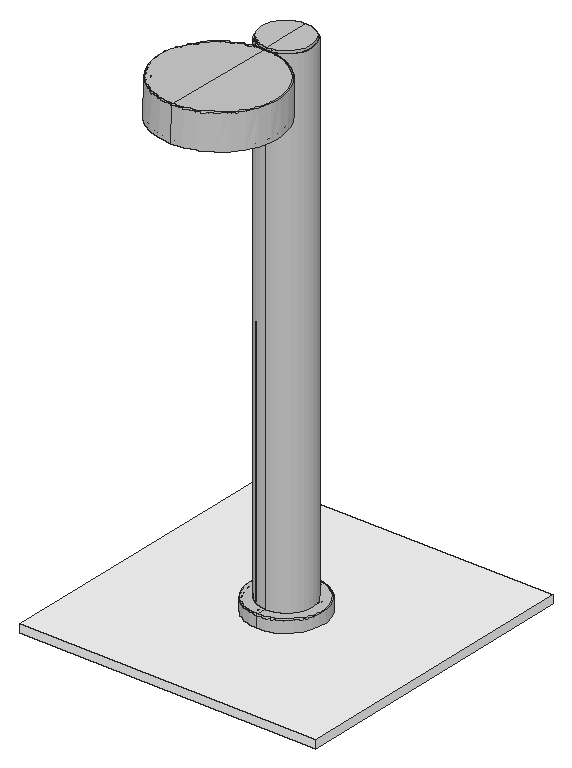
Revit family "BE_77219_de_DE", category Leuchten, Revit 2020
Family settings
  Basisbauteil = Fläche
  Bemaßung runder Anschluss = Durchmesser verwenden
  Teiletyp = Normal
  Beim Laden mit Abzugskörper schneiden = Ja
  Lichtquelle = Ja
  Gemeinsam genutzt = Nein
  Raumberechnungspunkt = Ja
Parameters (values of type "BEGA_77219_Silber_K3")
  built-in parameter 1150104 = 10.452 (stored number, unit not read)
  Wattage = 6.4 W
  Default Elevation = 0 mm
  built-in parameter 1150113 = 1 (stored number, unit not read)
  built-in parameter 1114218 = 1 (stored number, unit not read)
  Umgebungstemperatur = "25 °C"
  URL = "https://www.bega.com/de/produkt/77219"
  Typenkommentare = "© 2022 BEGA. Wir behalten uns das Recht vor, technische Änderungen ohne vorherige Ankündigung vorzunehmen."  # constant formula
  Type Image = 77219.png
  built-in parameter 1150134 = (empty or 0)
  built-in parameter 1150109 = 1 (stored number, unit not read)
  Strom = ""
  built-in parameter 1150110 = 1 (stored number, unit not read)
  Spannung = 239.996 V
  Sonderanfertigung = no
  Seriennummer [instance] = "Hier können Sie die eindeutige Seriennummer für das Facility Management eintragen."
  Schutzklasse = "I"
  Schutzart = "IP 65"
  Scheinlast = 0 VA
  Produktdatenblatt = "https://cdn.bega.com/bega/products/77219K3/current/documents/data-sheets/de"
  Oberflächentemperatur = ""
  Neigungswinkel = 0.00°
  Modell = "77219AK3"
  Material_18 = BEGA_Gummi_schwarz
  Material_17 = BEGA_Reflektor
  Material_15 = BEGA_Leuchtmedium_matt
  Material_13 = BEGA_Kunststoff_matt
  Material_08 = BEGA_Oberfläche_Stahl_verzinkt
  Material_06 = BEGA_Oberfläche_Edelstahl_gebürstet
  Material_03 = BEGA_Oberfläche_Weiss_matt
  Material_02 = BEGA_Oberfläche_Silber_matt
  Material_01 [instance] = BEGA_Oberfläche_Grafit_matt
  M_W = no
  M_G = no
  M_A = yes
  Logo = 0
  built-in parameter 1114217 = 1 (stored number, unit not read)
  built-in parameter 1150139 = (empty or 0)
  built-in parameter 1150105 = 57.296 (stored number, unit not read)
  built-in parameter 1150114 = 1 (stored number, unit not read)
  Lumens = 720 lm
  built-in parameter 1150115 = 1 (stored number, unit not read)
  Leuchtenlichtstrom = "365 lm"
  Leuchtenanzahl = ""
  Lebensdauerkriterien = "L70B50 @ 25 °C = 200000 h"
  Lastklassifizierung = Beleuchtung
  built-in parameter 1150112 = 1 (stored number, unit not read)
  Lampenlichtstrom = "760 lm"
  Lampe = "LED 3.8 W"
  LED_Modulbezeichnung = "2x LED-0181/830"
  built-in parameter 1150142 = (empty or 0)
  Hersteller = "BEGA"  # constant formula
  Halbstreuwinkel = ""
  Gewicht = "2.4 kg"
  Gebrauchslageneinschränkung [instance] = ""
  Frequenz = "0/50-60 Hz"
  Farbwiedergabeindex = "CRI > 80"
  Farbtemperaturverschiebung bei Dämpfen der Lampe = <Keine Auswahl>
  Farbtemperatur = "3000 K"
  Color Filter = 16777215
  built-in parameter 1150133 = 10 (stored number, unit not read)
  Energieeffizienzklasse = "LED A++ - A"
  built-in parameter 1150137 = (empty or 0)
  built-in parameter 1150132 = (empty or 0)
  ENEC = "ja"
  Dimmbar [instance] = "on/off"
  Datei für fotometrisches Netz = "BE_77219K3.IES"
  CE_Konformität = "ja"
  Bestellnummer = "77219AK3"
  Beschreibung_Sonderanfertigung = "Hier können Sie Informationen zur Sonderanfertigung eintragen."
  Beschreibung = "Garten- und Wegeleuchte"
  built-in parameter 1150106 = 0.57296 (stored number, unit not read)
  Befestigungsbohrung = "Ø 5,5 mm"
  Befestigungsabstand = ""
  Ballwurfsicher = ""
  BEGA_Intern_aus = yes
  BEGA_Intern_an = yes
  BEGA_Intern_Konstruktion = yes
  BEGA_Intern = yes
  BEGA_IES = yes
  BEGA_Dummy = no
  Anschlussleitung = ""
  Anschlussleistung [instance] = "4.9 W"
  built-in parameter 1150107 = 3000 (stored number, unit not read)
  built-in parameter 1150102 = (empty or 0)
  built-in parameter 1150138 = (empty or 0)
  Aktualisierung = "2022-05-19T04:00:07"
  Abstand_zur_angestrahlten_Fläche [instance] = ""
  AC/DC = "AC/DC"
Types (2, lengths in mm): name | Modell | M_G | M_A | Bestellnummer
  BEGA_77219_Grafit_K3 | "77219K3" | yes | no | "77219K3"
  BEGA_77219_Silber_K3 | "77219AK3" | no | yes | "77219AK3"
Reference planes
  plane 1 "Mitte (Vorne/Hinten)": y = 0
  plane 2: z = 0
  plane 3 "Mitte (Links/Rechts)": x = 0
  plane 4 "Links": x = -80.009
  plane 5 "Rechts": x = 80.009
  plane 6 "Unten": y = -195.121
  plane 7 "Oben": y = 50.497
  plane 8 "Vorne": z = 697.75
  plane 9 "Hinten": z = 0
Forms (mm)
  Extrusion 1, solid, material "BEGA_Platte_Weiss"
    sketch origin (0, -1119.2, 0) x (1, 0, 0) y (0, 1, 0)
      loop
        line (-200, 1319.2) -> (-200, 919.2) -> (200, 919.2) -> (200, 1319.2) -> (-200, 1319.2)
    from 0 to -10
  Extrusion 2, solid, material "BEGA_Dummy_matt", visible <- "BEGA_Dummy"
    sketch origin (80.095, -76.023, 0) x (1, 0, 0) y (0, 1, 0)
      loop
        line (-160.105, 126.52) -> (-160.105, -119.098) -> (-0.086, -119.098) -> (-0.086, 126.52) -> (-160.105, 126.52)
    from 0 to 697.75
Dimensions and locks
  plane 1 "Mitte (Vorne/Hinten)" to Extrusion 1 = 200 mm
  aligned and locked: plane 2 to Extrusion 1
  aligned and locked: level to Extrusion 1
Nested families
  nested 1: "BE_77219" at (0, 0, 0) x (0, -1, 0) z (0, 0, 1), type "BE_77219"
Connectors
  electrical at (0, 0, 0), driven by "Lastklassifizierung", driven by "Spannung", driven by "Scheinlast"
    settings: index 1, voltage 239.996 V, apparent load 0 VA, apparent load phase1 0 VA, apparent load phase2 0 VA, apparent load phase3 0 VA, power factor 1, load classification "Beleuchtung", number of poles 1, system type 31, power factor state 1, is connector primary yes, connector utility no, sub classification motor no, connector description ""
Definition of nested family "BE_77219"
  Parameters (values of type "BE_77219")
    Default Elevation = 1 mm
    URL = "http://www.bega.de/de/produkt"
    Type Comments = "© 2015 BEGA. Wir behalten uns das Recht vor, technische Änderungen ohne vorherige Ankündigung vorzunehmen. "  # constant formula
    Type Image = (empty or 0)
    Material_18 = none
    Material_17 = none
    Material_15 = none
    Material_13 = none
    Material_11 = none
    Material_09 = none
    Material_08 = none
    Material_06 = none
    Material_03 = none
    Material_02 = none
    Material_01 = none
    M_W = yes
    M_G = yes
    M_A = yes
    Länge_Platte = 200 mm  # constant formula
    Höhe_Platte = -10 mm  # constant formula
    Manufacturer = "BEGA"  # constant formula
    Breite_Platte = 200 mm  # constant formula
  Reference planes
    plane 1 "Mitte (Oben/Unten)": y = 0
    plane 2: z = 0
    plane 3 "Mitte (Links/Rechts)": x = 0
    plane 4: x = 195.121
    plane 5: y = -80.009
    plane 6: y = 80.009
    plane 7: x = -50.497
    plane 8: z = 697.75
    plane 9: z = 0
  Forms (mm)
    Extrusion 1, solid, detail levels medium
      sketch origin (0, 0, 0) x (1, 0, 0) y (0, 1, 0)
        loop
          line (-100, 100) -> (-100, -100) -> (100, -100) -> (100, 100) -> (-100, 100)
      from 0 to -10 <- "Höhe_Platte"
    Revolve 2, solid, material <- "Material_08", detail levels medium+fine
      sketch origin (0, 0, 0) x (1, 0, 0) y (0, 0, 1)
        loop
          line (-13.1, 1.303) -> (-13.1, 119.968) -> (-15.1, 119.968) -> (-15.1, 1.303) -> (-13.1, 1.303)
        axis (6, 1.303) -> (6, 119.968)
      angle from 0 to 360
    Revolve 3, solid, material <- "Material_08", detail levels medium+fine
      sketch origin (0, 0, 0) x (1, 0, 0) y (0, 0, 1)
        loop
          line (-16.928, 2) -> (-29, 2) -> (-29, 0) -> (-17.127, 0)
          arc (-17.127, 0) -> (-15.987, 0.28) -> (-15.1, 1.049) r 2.5
          line (-15.1, 1.049) -> (-15.1, 3.828) -> (-16.928, 2)
        axis (6, 3.828) -> (6, 0)
      angle from 0 to 360
    Extrusion 4, void
      sketch origin (0, 0, 0) x (1, 0, 0) y (0, 1, 0)
        loop
          line (25.787, 28.87) -> (30.128, 4.254)
          arc (30.128, 4.254) -> (30.5, 0) -> (30.128, -4.254) r 24.5
          line (30.128, -4.254) -> (25.787, -28.87)
          arc (25.787, -28.87) -> (36.964, -16.316) -> (41, 0) r 35
          arc (41, 0) -> (36.964, 16.316) -> (25.787, 28.87) r 35
      from 3.828 to -3.013
    Extrusion 5, void
      sketch origin (0, 0, 0) x (1, 0, 0) y (0, 1, 0)
        loop
          circle (21, 25.981) r 2.75
        loop
          circle (-24, 0) r 2.75
        loop
          circle (21, -25.981) r 2.75
      from 3.828 to -3.013
    Revolve 6, solid, material <- "Material_01", visible <- "M_G", detail levels medium+fine
      sketch origin (0, 0, 0) x (1, 0, 0) y (0, 0, 1)
        loop
          line (-35.014, 693.001) -> (-35, 11) -> (-31.996, 11) -> (-31.725, 693.001) -> (-35.014, 693.001)
        axis (0, 11) -> (0, 693.001)
      angle from 0 to 360
    Revolve 7, solid, material <- "Material_01", visible <- "M_G", detail levels medium+fine
      sketch origin (0, 0, 3) x (1, 0, 0) y (0, 0, 1)
        loop
          line (-33.09, 693) -> (-33.09, 689.236) -> (0, 689.236) -> (0, 693) -> (-33.09, 693)
        axis (0, 693) -> (0, 689.236)
      angle from 0 to 360
    Revolve 8, solid, material <- "Material_01", visible <- "M_G", detail levels medium+fine
      sketch origin (0, 0, 11) x (1, 0, 0) y (0, 0, 1)
        loop
          line (114.313, 685.386) -> (114.971, 647.691) -> (119.47, 647.77) -> (119.986, 677.353)
          arc (119.986, 677.353) -> (120.567, 678.727) -> (121.936, 679.318) r 2
          line (121.936, 679.318) -> (186.664, 680.448) -> (188.074, 648.167) -> (192.225, 648.24) -> (192.521, 639.744) -> (195.121, 639.789) -> (193.515, 685.785)
          arc (193.515, 685.785) -> (193.204, 686.476) -> (192.498, 686.75) r 1
          line (192.498, 686.75) -> (114.313, 685.386)
        axis (114.313, 685.386) -> (115.133, 638.393)
      angle from 0 to 360
    Extrusion 9, solid, material <- "Material_01", visible <- "M_G", detail levels medium+fine
      sketch origin (0, 0, 0) x (1, 0, 0) y (0, 1, 0)
        loop
          line (37.664, 12.5) -> (31.41, 12.5)
          arc (31.41, 12.5) -> (33.806, 0) -> (31.41, -12.5) r 33.806
          line (31.41, -12.5) -> (37.664, -12.5)
          arc (37.664, -12.5) -> (36.662, 0) -> (37.664, 12.5) r 78.456
      from 648.355 to 691.425
    Revolve 10, solid, material <- "Material_13", detail levels medium+fine
      sketch origin (0, 0, 11) x (1, 0, 0) y (0, 0, 1)
        loop
          line (39.189, 638.738) -> (110.47, 638.116) -> (110.553, 642.914) -> (112.369, 642.945) -> (112.176, 646.643) -> (105.758, 646.531) -> (105.22, 643.137) -> (43.129, 643.703) -> (38.162, 641.797) -> (38.198, 639.734)
          arc (38.198, 639.734) -> (38.489, 639.033) -> (39.189, 638.738) r 1
        axis (114.988, 646.692) -> (115.137, 638.197)
      angle from 0 to 360
    Revolve 11, solid, material <- "Material_06", detail levels fine
      sketch origin (0, 0, 11) x (1, 0, 0) y (0, 0, 1)
        loop
          arc (110.882, 638.419) -> (111.035, 638.068) -> (111.391, 637.928) r 0.5
          line (111.391, 637.928) -> (115.14, 637.993) -> (114.722, 661.917)
          arc (114.722, 661.917) -> (114.106, 661.762) -> (113.621, 661.35) r 1.4
          line (113.621, 661.35) -> (112.264, 659.516) -> (112.553, 642.949) -> (110.803, 642.918) -> (110.882, 638.419)
        axis (114.722, 661.917) -> (115.14, 637.993)
      angle from 0 to 360
    Revolve 12, void
      sketch origin (0, 0, 11) x (1, 0, 0) y (0, 0, 1)
        loop
          line (-32.182, 89) -> (-36.21, 89) -> (-36.21, 85) -> (-32.182, 85) -> (-32.182, 89)
        axis (-36.21, 85) -> (-32.182, 85)
      angle from 0 to 360
    Revolve 13, void
      sketch origin (0, 0, -39) x (1, 0, 0) y (0, 0, 1)
        loop
          line (-32.182, 89) -> (-35.903, 89) -> (-35.903, 85) -> (-32.182, 85) -> (-32.182, 89)
        axis (-35.903, 85) -> (-32.182, 85)
      angle from 0 to 360
    Revolve 14, solid, material <- "Material_06", detail levels fine
      sketch origin (0, 0, 11) x (1, 0, 0) y (0, 0, 1)
        loop
          line (-32.182, 89) -> (-34.8, 89) -> (-34.8, 85) -> (-15.1, 85) -> (-15.1, 88) -> (-32.182, 88) -> (-32.182, 89)
        axis (-34.8, 85) -> (-15.1, 85)
      angle from 0 to 360
    Revolve 15, solid, material <- "Material_02", visible <- "M_A", detail levels medium+fine
      sketch origin (0, 0, 11) x (1, 0, 0) y (0, 0, 1)
        loop
          line (114.313, 685.386) -> (114.971, 647.691) -> (119.47, 647.77) -> (119.986, 677.353)
          arc (119.986, 677.353) -> (120.567, 678.727) -> (121.936, 679.318) r 2
          line (121.936, 679.318) -> (186.664, 680.448) -> (188.074, 648.167) -> (192.225, 648.24) -> (192.521, 639.744) -> (195.121, 639.789) -> (193.515, 685.785)
          arc (193.515, 685.785) -> (193.204, 686.476) -> (192.498, 686.75) r 1
          line (192.498, 686.75) -> (114.313, 685.386)
        axis (114.313, 685.386) -> (115.133, 638.393)
      angle from 0 to 360
    Extrusion 16, solid, material <- "Material_02", visible <- "M_A", detail levels medium+fine
      sketch origin (0, 0, 0) x (1, 0, 0) y (0, 1, 0)
        loop
          line (37.664, 12.5) -> (31.41, 12.5)
          arc (31.41, 12.5) -> (33.806, 0) -> (31.41, -12.5) r 33.806
          line (31.41, -12.5) -> (37.664, -12.5)
          arc (37.664, -12.5) -> (36.662, 0) -> (37.664, 12.5) r 78.456
      from 648.355 to 691.425
    Revolve 17, solid, material <- "Material_06", detail levels fine
      sketch origin (0, 0, -39) x (1, 0, 0) y (0, 0, 1)
        loop
          line (-32.182, 89) -> (-34.8, 89) -> (-34.8, 85) -> (-15.1, 85) -> (-15.1, 88) -> (-32.182, 88) -> (-32.182, 89)
        axis (-34.8, 85) -> (-15.1, 85)
      angle from 0 to 360
    Revolve 18, solid, material <- "Material_01", visible <- "M_G", detail levels medium+fine
      sketch origin (0, 0, 0) x (1, 0, 0) y (0, 0, 1)
        loop
          line (-35.575, 16) -> (-49.034, 16)
          arc (-49.034, 16) -> (-49.729, 15.719) -> (-50.034, 15.035) r 1
          line (-50.034, 15.035) -> (-50.497, 0) -> (-47.764, 0) -> (-47.334, 12.336)
          arc (-47.334, 12.336) -> (-47.029, 13.02) -> (-46.334, 13.3) r 1
          line (-46.334, 13.3) -> (-39.066, 13.3)
          arc (-39.066, 13.3) -> (-38.371, 13.019) -> (-38.066, 12.335) r 1
          line (-38.066, 12.335) -> (-37.959, 9.263)
          arc (-37.959, 9.263) -> (-37.654, 8.58) -> (-36.96, 8.3) r 1
          line (-36.96, 8.3) -> (-32.806, 8.3) -> (-32.9, 11) -> (-35.4, 11) -> (-35.575, 16)
        axis (0, 0) -> (0, 16)
      angle from 0 to 360
    Revolve 19, solid, material <- "Material_02", visible <- "M_A", detail levels medium+fine
      sketch origin (0, 0, 0) x (1, 0, 0) y (0, 0, 1)
        loop
          line (-35.575, 16) -> (-49.034, 16)
          arc (-49.034, 16) -> (-49.729, 15.719) -> (-50.034, 15.035) r 1
          line (-50.034, 15.035) -> (-50.497, 0) -> (-47.764, 0) -> (-47.334, 12.336)
          arc (-47.334, 12.336) -> (-47.029, 13.02) -> (-46.334, 13.3) r 1
          line (-46.334, 13.3) -> (-39.066, 13.3)
          arc (-39.066, 13.3) -> (-38.371, 13.019) -> (-38.066, 12.335) r 1
          line (-38.066, 12.335) -> (-37.959, 9.263)
          arc (-37.959, 9.263) -> (-37.654, 8.58) -> (-36.96, 8.3) r 1
          line (-36.96, 8.3) -> (-32.806, 8.3) -> (-32.9, 11) -> (-35.4, 11) -> (-35.575, 16)
        axis (0, 0) -> (0, 16)
      angle from 0 to 360
    Revolve 20, solid, material <- "Material_02", visible <- "M_A", detail levels medium+fine
      sketch origin (0, 0, 0) x (1, 0, 0) y (0, 0, 1)
        loop
          line (-35.014, 693.001) -> (-35, 11) -> (-31.996, 11) -> (-31.725, 693.001) -> (-35.014, 693.001)
        axis (0, 11) -> (0, 693.001)
      angle from 0 to 360
    Revolve 21, solid, material <- "Material_02", visible <- "M_A", detail levels medium+fine
      sketch origin (0, 0, 3) x (1, 0, 0) y (0, 0, 1)
        loop
          line (-33.09, 693) -> (-33.09, 689.236) -> (0, 689.236) -> (0, 693) -> (-33.09, 693)
        axis (0, 693) -> (0, 689.236)
      angle from 0 to 360
  Cuts and joins
    Extrusion 4, Extrusion 5 cuts Revolve 3
    joined: Revolve 2, Revolve 3
    Revolve 12, Revolve 13 cuts Revolve 6
    Revolve 12, Revolve 13 cuts Revolve 7
    joined: Revolve 6, Revolve 7
    joined: Revolve 8, Extrusion 9
    joined: Revolve 15, Extrusion 16
    Revolve 12, Revolve 13 cuts Revolve 20
    joined: Revolve 20, Revolve 21
  Dimensions and locks
    equal spacing: Extrusion 1 sketch curve, plane 3 "Mitte (Links/Rechts)", Extrusion 1 sketch curve
    equal spacing: Extrusion 1 sketch curve, plane 1 "Mitte (Oben/Unten)", Extrusion 1 sketch curve
    "Länge_Platte": Extrusion 1 sketch curve to Extrusion 1 sketch curve
    "Breite_Platte": Extrusion 1 sketch curve to Extrusion 1 sketch curve
    aligned and locked: Extrusion 1 to plane 2
    aligned and locked: level to Extrusion 1
  Automatic sketch dimensions
    Revolve 2 sketch curve to plane 3 "Mitte (Links/Rechts)" = 15.1 mm
    Revolve 2 sketch curve to Revolve 2 sketch curve = 2 mm
    level to Revolve 2 sketch curve = 119.968 mm
    plane 3 "Mitte (Links/Rechts)" to Revolve 2 sketch curve = 6 mm
    Revolve 2 sketch curve to Revolve 2 sketch curve = 55 mm
    Revolve 3 sketch curve to Revolve 3 sketch curve = 11.865 mm
    Revolve 3 sketch curve to Revolve 3 sketch curve = 0.009 mm
    Revolve 3 sketch curve to Revolve 3 sketch curve = 0.207 mm
    Revolve 3 sketch curve to Revolve 3 sketch curve = 2.036 mm
    Revolve 3 sketch curve to Revolve 3 sketch curve = 1.328 mm
    plane 3 "Mitte (Links/Rechts)" to Revolve 3 sketch curve = 6 mm
    Extrusion 4 sketch curve to Extrusion 4 sketch curve = 0 mm  (x8)
    plane 1 "Mitte (Oben/Unten)" to Extrusion 4 sketch curve = 0 mm
    plane 3 "Mitte (Links/Rechts)" to Extrusion 4 sketch curve = 6 mm
    plane 3 "Mitte (Links/Rechts)" to Extrusion 4 sketch curve = 25.787 mm  (x2)
    plane 1 "Mitte (Oben/Unten)" to Extrusion 4 sketch curve = 28.87 mm
    plane 1 "Mitte (Oben/Unten)" to Extrusion 4 sketch curve = 4.254 mm  (x2)
    Extrusion 4 sketch curve to Extrusion 4 sketch curve = 10.872 mm
    Extrusion 4 sketch curve to plane 1 "Mitte (Oben/Unten)" = 4.254 mm  (x2)
    plane 4 to Revolve 8 sketch curve = 0 mm
    plane 4 to Revolve 8 sketch curve = 1.606 mm
    plane 4 to Revolve 8 sketch curve = 2.6 mm
    Revolve 8 sketch curve to Revolve 8 sketch curve = 0.999 mm
    plane 4 to Revolve 8 sketch curve = 2.896 mm
    Revolve 8 sketch curve to Revolve 8 sketch curve = 4.151 mm
    Revolve 8 sketch curve to Revolve 8 sketch curve = 5.851 mm
    Revolve 8 sketch curve to Revolve 8 sketch curve = 64.678 mm
    Revolve 8 sketch curve to Revolve 8 sketch curve = 0.05 mm
    Revolve 8 sketch curve to Revolve 8 sketch curve = 2.516 mm
    Revolve 8 sketch curve to Revolve 8 sketch curve = 4.499 mm
    Revolve 8 sketch curve to Revolve 8 sketch curve = 7.623 mm
    Revolve 8 sketch curve to Revolve 8 sketch curve = 45.995 mm
    Revolve 8 sketch curve to Revolve 8 sketch curve = 0.045 mm
    Revolve 8 sketch curve to Revolve 8 sketch curve = 0.079 mm
    Revolve 8 sketch curve to Revolve 8 sketch curve = 8.424 mm
    Revolve 8 sketch curve to Revolve 8 sketch curve = 0.073 mm
    Revolve 8 sketch curve to Revolve 8 sketch curve = 0.034 mm
    Revolve 8 sketch curve to Revolve 8 sketch curve = 0 mm  (x8)
    Revolve 8 sketch curve to Revolve 8 sketch curve = 2 mm
    plane 1 "Mitte (Oben/Unten)" to Extrusion 9 sketch curve = 0 mm  (x2)
    Extrusion 9 sketch curve to plane 3 "Mitte (Links/Rechts)" = 0 mm
    plane 1 "Mitte (Oben/Unten)" to Extrusion 9 sketch curve = 12.5 mm
    plane 3 "Mitte (Links/Rechts)" to Extrusion 9 sketch curve = 31.41 mm
    Extrusion 9 sketch curve to plane 1 "Mitte (Oben/Unten)" = 12.5 mm
    Extrusion 9 sketch curve to Extrusion 9 sketch curve = 6.254 mm
    Extrusion 9 sketch curve to Extrusion 9 sketch curve = 77.454 mm
    Extrusion 9 sketch curve to Extrusion 9 sketch curve = 0 mm
    plane 3 "Mitte (Links/Rechts)" to Revolve 10 sketch curve = 38.162 mm
    Revolve 10 sketch curve to Revolve 10 sketch curve = 0.036 mm
    Revolve 10 sketch curve to Revolve 10 sketch curve = 1 mm
    Revolve 10 sketch curve to Revolve 10 sketch curve = 4.967 mm
    Revolve 10 sketch curve to Revolve 10 sketch curve = 62.091 mm
    Revolve 10 sketch curve to Revolve 10 sketch curve = 0.538 mm
    Revolve 10 sketch curve to Revolve 10 sketch curve = 5.25 mm
    Revolve 10 sketch curve to Revolve 10 sketch curve = 0.084 mm
    Revolve 10 sketch curve to Revolve 10 sketch curve = 1.622 mm
    Revolve 10 sketch curve to Revolve 10 sketch curve = 1.816 mm
    Revolve 10 sketch curve to Revolve 10 sketch curve = 3.697 mm
    Revolve 10 sketch curve to Revolve 10 sketch curve = 0.032 mm
    Revolve 10 sketch curve to Revolve 10 sketch curve = 2.059 mm
    Revolve 10 sketch curve to Revolve 10 sketch curve = 0.004 mm
    Revolve 10 sketch curve to Revolve 10 sketch curve = 4.798 mm
    Revolve 10 sketch curve to Revolve 10 sketch curve = 1.907 mm
    Revolve 10 sketch curve to Revolve 10 sketch curve = 0.009 mm
    Revolve 10 sketch curve to Revolve 10 sketch curve = 0 mm  (x2)
    Revolve 10 sketch curve to Revolve 10 sketch curve = 2.174 mm
    Revolve 10 sketch curve to Revolve 10 sketch curve = 4.718 mm
    Revolve 10 sketch curve to Revolve 10 sketch curve = 2.861 mm
    plane 4 to Revolve 11 sketch curve = 84.317 mm
    Revolve 11 sketch curve to Revolve 11 sketch curve = 0.578 mm
    Revolve 11 sketch curve to Revolve 11 sketch curve = 1.46 mm
    Revolve 11 sketch curve to Revolve 11 sketch curve = 1.75 mm
    Revolve 11 sketch curve to Revolve 11 sketch curve = 2.459 mm
    Revolve 11 sketch curve to Revolve 11 sketch curve = 0.024 mm
    Revolve 11 sketch curve to Revolve 11 sketch curve = 3.758 mm
    Revolve 11 sketch curve to Revolve 11 sketch curve = 16.567 mm
    Revolve 11 sketch curve to Revolve 11 sketch curve = 0.031 mm
    Revolve 11 sketch curve to Revolve 11 sketch curve = 4.491 mm
    Revolve 11 sketch curve to Revolve 11 sketch curve = 0.435 mm
    Revolve 11 sketch curve to Revolve 11 sketch curve = 1.4 mm
    Revolve 11 sketch curve to Revolve 11 sketch curve = 0.5 mm
    Revolve 11 sketch curve to Revolve 11 sketch curve = 0 mm  (x8)
    Revolve 11 sketch curve to Revolve 11 sketch curve = 0.009 mm  (x2)
    Revolve 11 sketch curve to Revolve 11 sketch curve = 1.101 mm
    Revolve 11 sketch curve to Revolve 11 sketch curve = 2.478 mm
    Revolve 11 sketch curve to Revolve 11 sketch curve = 1.27 mm
    level to Revolve 12 sketch curve = 96 mm
    Revolve 12 sketch curve to Revolve 12 sketch curve = 4 mm
    Revolve 12 sketch curve to Revolve 12 sketch curve = 0 mm  (x2)
    Revolve 12 sketch curve to Revolve 12 sketch curve = 1.318 mm
    level to Revolve 13 sketch curve = 46 mm
    Revolve 13 sketch curve to Revolve 13 sketch curve = 4 mm
    Revolve 13 sketch curve to Revolve 13 sketch curve = 0.308 mm
    Revolve 13 sketch curve to Revolve 13 sketch curve = 1.318 mm
    Revolve 13 sketch curve to Revolve 13 sketch curve = 0 mm
    Revolve 14 sketch curve to Revolve 14 sketch curve = 2.618 mm  (x2)
    Revolve 14 sketch curve to plane 3 "Mitte (Links/Rechts)" = 15.1 mm
    level to Revolve 14 sketch curve = 96 mm
    Revolve 14 sketch curve to Revolve 14 sketch curve = 3 mm
    Revolve 14 sketch curve to Revolve 14 sketch curve = 1 mm
    Revolve 14 sketch curve to Revolve 14 sketch curve = 0 mm  (x2)
    plane 4 to Revolve 15 sketch curve = 0 mm
    plane 4 to Revolve 15 sketch curve = 1.606 mm
    plane 4 to Revolve 15 sketch curve = 2.6 mm
    Revolve 15 sketch curve to Revolve 15 sketch curve = 0.999 mm
    plane 4 to Revolve 15 sketch curve = 2.896 mm
    Revolve 15 sketch curve to Revolve 15 sketch curve = 4.151 mm
    Revolve 15 sketch curve to Revolve 15 sketch curve = 5.851 mm
    Revolve 15 sketch curve to Revolve 15 sketch curve = 64.678 mm
    Revolve 15 sketch curve to Revolve 15 sketch curve = 0.05 mm
    Revolve 15 sketch curve to Revolve 15 sketch curve = 2.516 mm
    Revolve 15 sketch curve to Revolve 15 sketch curve = 4.499 mm
    Revolve 15 sketch curve to Revolve 15 sketch curve = 7.623 mm
    Revolve 15 sketch curve to Revolve 15 sketch curve = 45.995 mm
    Revolve 15 sketch curve to Revolve 15 sketch curve = 0.045 mm
    Revolve 15 sketch curve to Revolve 15 sketch curve = 0.079 mm
    Revolve 15 sketch curve to Revolve 15 sketch curve = 8.424 mm
    Revolve 15 sketch curve to Revolve 15 sketch curve = 0.073 mm
    Revolve 15 sketch curve to Revolve 15 sketch curve = 0.034 mm
    Revolve 15 sketch curve to Revolve 15 sketch curve = 0 mm  (x8)
    Revolve 15 sketch curve to Revolve 15 sketch curve = 2 mm
    plane 1 "Mitte (Oben/Unten)" to Extrusion 16 sketch curve = 0 mm  (x2)
    Extrusion 16 sketch curve to plane 3 "Mitte (Links/Rechts)" = 0 mm
    plane 1 "Mitte (Oben/Unten)" to Extrusion 16 sketch curve = 12.5 mm
    plane 3 "Mitte (Links/Rechts)" to Extrusion 16 sketch curve = 31.41 mm
    Extrusion 16 sketch curve to plane 1 "Mitte (Oben/Unten)" = 12.5 mm
    Extrusion 16 sketch curve to Extrusion 16 sketch curve = 6.254 mm
    Extrusion 16 sketch curve to Extrusion 16 sketch curve = 77.454 mm
    Extrusion 16 sketch curve to Extrusion 16 sketch curve = 0 mm
    Revolve 17 sketch curve to Revolve 17 sketch curve = 2.618 mm  (x2)
    Revolve 17 sketch curve to plane 3 "Mitte (Links/Rechts)" = 15.1 mm
    level to Revolve 17 sketch curve = 46 mm
    Revolve 17 sketch curve to Revolve 17 sketch curve = 3 mm
    Revolve 17 sketch curve to Revolve 17 sketch curve = 1 mm
    Revolve 17 sketch curve to Revolve 17 sketch curve = 0 mm  (x2)
    Revolve 18 sketch curve to level = 0 mm
    Revolve 18 sketch curve to plane 3 "Mitte (Links/Rechts)" = 0 mm
    Revolve 18 sketch curve to Revolve 18 sketch curve = 0.999 mm  (x4)
    Revolve 18 sketch curve to Revolve 18 sketch curve = 1.107 mm
    Revolve 18 sketch curve to Revolve 18 sketch curve = 7.269 mm
    Revolve 18 sketch curve to Revolve 18 sketch curve = 0.431 mm
    Revolve 18 sketch curve to Revolve 18 sketch curve = 2.7 mm  (x2)
    Revolve 18 sketch curve to Revolve 18 sketch curve = 2.732 mm
    level to Revolve 18 sketch curve = 8.3 mm
    Revolve 18 sketch curve to Revolve 18 sketch curve = 0.963 mm
    Revolve 18 sketch curve to Revolve 18 sketch curve = 3.037 mm
    Revolve 18 sketch curve to Revolve 18 sketch curve = 0 mm  (x3)
    Revolve 18 sketch curve to Revolve 18 sketch curve = 0.036 mm
    Revolve 18 sketch curve to Revolve 18 sketch curve = 2.664 mm
    Revolve 18 sketch curve to Revolve 18 sketch curve = 0.035 mm
    level to Revolve 18 sketch curve = 5.787 mm
    Revolve 18 sketch curve to Revolve 18 sketch curve = 6.424 mm
    Revolve 7 sketch curve to plane 3 "Mitte (Links/Rechts)" = 0 mm  (x2)
    Revolve 7 sketch curve to Revolve 7 sketch curve = 3.764 mm
    Revolve 7 sketch curve to Revolve 7 sketch curve = 1.5 mm
    Revolve 7 sketch curve to Revolve 7 sketch curve = 0 mm
    Revolve 19 sketch curve to level = 0 mm
    Revolve 19 sketch curve to plane 3 "Mitte (Links/Rechts)" = 0 mm
    Revolve 19 sketch curve to Revolve 19 sketch curve = 0.999 mm  (x4)
    Revolve 19 sketch curve to Revolve 19 sketch curve = 1.107 mm
    Revolve 19 sketch curve to Revolve 19 sketch curve = 7.269 mm
    Revolve 19 sketch curve to Revolve 19 sketch curve = 0.431 mm
    Revolve 19 sketch curve to Revolve 19 sketch curve = 2.7 mm  (x2)
    Revolve 19 sketch curve to Revolve 19 sketch curve = 2.732 mm
    level to Revolve 19 sketch curve = 8.3 mm
    Revolve 19 sketch curve to Revolve 19 sketch curve = 0.963 mm
    Revolve 19 sketch curve to Revolve 19 sketch curve = 3.037 mm
    Revolve 19 sketch curve to Revolve 19 sketch curve = 0 mm  (x3)
    Revolve 19 sketch curve to Revolve 19 sketch curve = 0.036 mm
    Revolve 19 sketch curve to Revolve 19 sketch curve = 2.664 mm
    Revolve 19 sketch curve to Revolve 19 sketch curve = 0.035 mm
    level to Revolve 19 sketch curve = 5.787 mm
    Revolve 19 sketch curve to Revolve 19 sketch curve = 6.424 mm
    level to Revolve 7 sketch curve = 692.236 mm
    level to Revolve 8 sketch curve = 650.744 mm
    Revolve 8 sketch curve to Revolve 8 sketch curve = 0.476 mm
    Revolve 8 sketch curve to Revolve 8 sketch curve = 29.549 mm
    Revolve 8 sketch curve to Revolve 8 sketch curve = 1.999 mm
    Revolve 8 sketch curve to Revolve 8 sketch curve = 5.303 mm
    Revolve 8 sketch curve to Revolve 8 sketch curve = 6.068 mm
    Revolve 8 sketch curve to Revolve 8 sketch curve = 0.017 mm
    level to Revolve 10 sketch curve = 649.116 mm
    Revolve 10 sketch curve to Revolve 10 sketch curve = 1.618 mm
    Revolve 10 sketch curve to Revolve 10 sketch curve = 0.224 mm
    Revolve 10 sketch curve to Revolve 10 sketch curve = 3.393 mm
    Revolve 10 sketch curve to Revolve 10 sketch curve = 36.625 mm
    level to Revolve 11 sketch curve = 648.993 mm
    Revolve 11 sketch curve to Revolve 11 sketch curve = 1.002 mm
    level to Revolve 15 sketch curve = 650.744 mm
    Revolve 15 sketch curve to Revolve 15 sketch curve = 0.476 mm
    Revolve 15 sketch curve to Revolve 15 sketch curve = 29.549 mm
    Revolve 15 sketch curve to Revolve 15 sketch curve = 1.999 mm
    Revolve 15 sketch curve to Revolve 15 sketch curve = 5.303 mm
    Revolve 15 sketch curve to Revolve 15 sketch curve = 6.068 mm
    Revolve 15 sketch curve to Revolve 15 sketch curve = 0.017 mm
    Revolve 6 sketch curve to plane 3 "Mitte (Links/Rechts)" = 0 mm
    level to Revolve 6 sketch curve = 11 mm
    plane 8 to Revolve 6 sketch curve = 4.749 mm
    Revolve 6 sketch curve to Revolve 6 sketch curve = 311.001 mm
    Revolve 6 sketch curve to Revolve 6 sketch curve = 80 mm
    Revolve 20 sketch curve to plane 3 "Mitte (Links/Rechts)" = 0 mm
    level to Revolve 20 sketch curve = 11 mm
    plane 8 to Revolve 20 sketch curve = 4.749 mm
    Revolve 20 sketch curve to Revolve 20 sketch curve = 311.001 mm
    Revolve 20 sketch curve to Revolve 20 sketch curve = 80 mm
    Revolve 21 sketch curve to plane 3 "Mitte (Links/Rechts)" = 0 mm  (x2)
    plane 8 to Revolve 21 sketch curve = 5.514 mm
    plane 8 to Revolve 21 sketch curve = 1.75 mm
    Revolve 21 sketch curve to Revolve 21 sketch curve = 1.5 mm
    Revolve 21 sketch curve to Revolve 21 sketch curve = 0 mm
    level to Revolve 2 sketch curve = 1.303 mm
    Revolve 2 sketch curve to level = 193.5 mm
    Revolve 3 sketch curve to level = 0 mm
    level to Revolve 3 sketch curve = 1.049 mm
    Revolve 3 sketch curve to Revolve 3 sketch curve = 2 mm
    Revolve 3 sketch curve to level = 6.061 mm
    level to Revolve 3 sketch curve = 8.939 mm
    Revolve 3 sketch curve to plane 3 "Mitte (Links/Rechts)" = 15.1 mm
    Revolve 6 sketch curve to plane 7 = 18.772 mm
    Revolve 6 sketch curve to plane 7 = 18.501 mm
    Revolve 6 sketch curve to Revolve 6 sketch curve = 3.005 mm
    Revolve 6 sketch curve to Revolve 6 sketch curve = 3.288 mm
    Revolve 7 sketch curve to plane 7 = 17.407 mm
    Revolve 12 sketch curve to plane 7 = 14.287 mm
    Revolve 12 sketch curve to Revolve 12 sketch curve = 4.028 mm
    Revolve 13 sketch curve to plane 7 = 14.594 mm
    Revolve 13 sketch curve to Revolve 13 sketch curve = 3.721 mm
    Revolve 14 sketch curve to Revolve 14 sketch curve = 17.082 mm
    Revolve 17 sketch curve to Revolve 17 sketch curve = 17.082 mm
    plane 7 to Revolve 18 sketch curve = 0 mm
    Revolve 18 sketch curve to Revolve 18 sketch curve = 3.491 mm
    Revolve 18 sketch curve to Revolve 18 sketch curve = 1.56 mm
    Revolve 18 sketch curve to Revolve 18 sketch curve = 2.5 mm
    Revolve 18 sketch curve to Revolve 18 sketch curve = 0.094 mm
    plane 7 to Revolve 19 sketch curve = 0 mm
    Revolve 19 sketch curve to Revolve 19 sketch curve = 3.491 mm
    Revolve 19 sketch curve to Revolve 19 sketch curve = 1.56 mm
    Revolve 19 sketch curve to Revolve 19 sketch curve = 2.5 mm
    Revolve 19 sketch curve to Revolve 19 sketch curve = 0.094 mm
    Revolve 20 sketch curve to plane 7 = 18.772 mm
    Revolve 20 sketch curve to plane 7 = 18.501 mm
    Revolve 20 sketch curve to Revolve 20 sketch curve = 3.005 mm
    Revolve 20 sketch curve to Revolve 20 sketch curve = 3.288 mm
    Revolve 21 sketch curve to plane 7 = 17.407 mm
